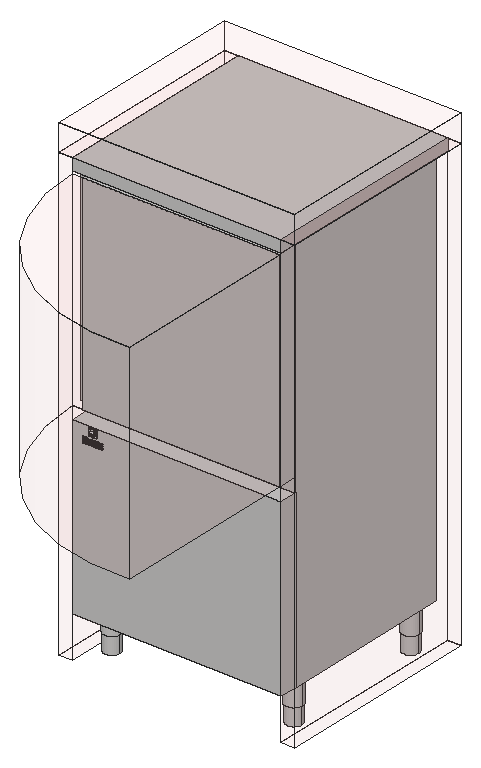
Revit family "QF_ELECTROLUXPROFESSIONAL_725214_ECBCFA040SE", category Attrezzature speciali, Revit 2018
Family settings
  Quota connettore circolare = Usa diametro
  Tipo di parte = Normale
  Basato su piano di lavoro = No
  Sempre verticale = Sì
  Taglio con vuoti quando caricato = No
  Condiviso = No
  Punto di calcolo locali = No
Parameters (values of type "Standard")
  Weight = 140.00 kg
  Watts = 1200 W
  Volts = 380 V
  URL Manufacturer = "https://www.electroluxprofessional.com/"
  URL = "https://www.electroluxprofessional.com/"
  Steam Supply Size = 0 mm
  Steam Supply Minimum Pressure = 0.0 Pa
  Steam Supply Maximum Pressure = 0.0 Pa
  Steam Consumption per Hour = 0
  Show Logo [instance] = yes
  Show Clearance [instance] = yes
  Refrigeration Suction Line Size = 0 mm
  Refrigeration Liquid Line Size = 0 mm
  Refrigerant Compressor Remote = yes
  Produttore = "Electrolux Professional"
  Phase = 3
  Modello = "ECBCFA040SE"
  Length Actual = 762 mm  # constant formula
  Item Number = "725214"
  Hot Water Size = 0 mm
  Height Actual = 1644 mm  # constant formula
  HP = "1.6 HP"
  Gas Size = 0 mm
  Gas KW = 0
  Gas Input Pressure = 0 W
  Direct Waste Size = 0 mm
  Descrizione = "BLAST CHILLER/FREEZER CW 40KG 10 GN 1/1 - R452A"
  Depth Actual = 760 mm  # constant formula
  Cycle = 50 Hz
  Condensate Return Size = 0 mm
  Compressed Air Volume = 0.0 L/s
  Compressed Air Size = 0 mm
  Compressed Air Pressure = 0.0 Pa
  Cold Water Size = 0 mm
  Accessory = yes
Types (2, lengths in mm): name | URL | Produttore | Phase | Modello | Descrizione
  (no name) | 0 | 0 | 0 | 0 | 0
  Standard | "https://www.electroluxprofessional.com/" | "Electrolux Professional" | 3 | "ECBCFA040SE" | "BLAST CHILLER/FREEZER CW 40KG 10 GN 1/1 - R452A"
Values of the unnamed type that differ from the named types
  Weight = 0.00 kg
  Watts = 0 W
  Volts = 0 V
  URL Manufacturer = ""
  Item Number = ""
  HP = ""
  Cycle = 0 Hz
Reference planes
  plane 1 "Center X": y = 167.851
  plane 2: z = 0
  plane 3 "Center Y": x = -378
  plane 4 "LEFT": x = -759
  plane 5 "BACK": y = 547.851
  plane 6 "RIGHT": x = 3
  plane 7 "FRONT": y = -212.149
  plane 8: z = 153
  plane 9 "TOP": z = 1644
  plane 10: x = -710
  plane 11: y = 439.851
  plane 12: x = -46
  plane 13: y = -52.149
  plane 14: y = 495.851
  plane 15: z = 1604
  plane 16: y = -902.149
Forms (mm)
  Extrusion 1, solid, material "QF_Finishes_Stainless Steel"
    sketch origin (0, 0, 1644) x (-1, 0, 0) y (0, -1, 0)
      loop
        line (759, -495.851) -> (759, 147.149) -> (-3, 147.149) -> (-3, -495.851) -> (759, -495.851)
    from -40 to -1491
  Extrusion 2, solid, material "QF_Finishes_Stainless Steel"
    sketch origin (-499.727, 495.851, 1589) x (1, 0, 0) y (0, 0, -1)
      loop
        circle (121.727, 1386) r 10.5
    from 0 to 10
  Extrusion 3, solid, material "QF_Finishes_Stainless Steel"
    sketch origin (-1206.916, -1524, 153) x (-1, 0, 0) y (0, -1, 0)
      loop
        line (-447.916, -1311.851) -> (-1209.916, -1311.851) -> (-1209.916, -1376.851) -> (-447.916, -1376.851) -> (-447.916, -1311.851)
    from 635.577 to 0
  Extrusion 4, solid, material "QF_Finishes_Stainless Steel"
    sketch origin (-1225.916, -1561, 130) x (0, -1, 0) y (-1, 0, 0)
      loop
        circle (-1673.851, -847.916) r 9.5
    from 30 to 40
  Extrusion 5, solid, material "QF_Finishes_Stainless Steel"
    sketch origin (-623, 0, 1060.038) x (1, 0, 0) y (0, 1, 0)
      loop
        line (620, -212.149) -> (620, -147.149) -> (-136, -147.149) -> (-136, -212.149) -> (620, -212.149)
    from 534.886 to -224.114
  Extrusion 6, solid, material "QF_Finishes_Stainless Steel"
    sketch origin (-1206.916, -1524, 1624) x (-1, 0, 0) y (0, -1, 0)
      loop
        line (-447.916, -2071.851) -> (-447.916, -1311.851) -> (-1209.916, -1311.851) -> (-1209.916, -2071.851) -> (-447.916, -2071.851)
    from 20 to -20
  Extrusion 7, solid, material "QF_Clearance", visible <- "Show Clearance"
    sketch origin (0, 0, 0) x (1, 0, 0) y (0, 1, 0)
      loop
        line (-759, 547.851) -> (-809, 547.851) -> (-809, -212.149) -> (-759, -212.149) -> (-759, 547.851)
      loop
        line (53, 547.851) -> (3, 547.851) -> (3, -212.149) -> (53, -212.149) -> (53, 547.851)
    from 0 to 1644
  Extrusion 8, solid, material "QF_Clearance", visible <- "Show Clearance"
    sketch origin (0, 0, 0) x (1, 0, 0) y (0, 1, 0)
      loop
        line (-809, 547.851) -> (-809, -212.149) -> (53, -212.149) -> (53, 547.851) -> (-809, 547.851)
    from 1644 to 1744
  Extrusion 9, solid, material "QF_Clearance", visible <- "Show Clearance"
    sketch origin (0, 0, 0) x (1, 0, 0) y (0, 1, 0)
      loop
        line (3, -902.149) -> (3, -212.149) -> (-759, -212.149)
        arc (-759, -212.149) -> (-529.072, -723.985) -> (3, -902.149) r 699.429
    from 835.924 to 1594.924
  Extrusion 10, void
    sketch origin (0, 0, 0) x (1, 0, 0) y (0, 1, 0)
      loop
        line (-759, -212.149) -> (-719, -212.149) -> (-719, -172.149) -> (-759, -172.149) -> (-759, -212.149)
    from 835.924 to 1594.924
Cuts and joins
  joined: Extrusion 1, Extrusion 2, Extrusion 4
  Extrusion 10 cuts Extrusion 3
  Extrusion 10 cuts Extrusion 7
  Extrusion 10 cuts Extrusion 5
Lines and regions (mm)
  Split face 1
    outline origin (3, -212.149, 153) x (-1, 0, 0) y (0, 0, -1)
      loop
        line (762, -571.811) -> (562, -571.811) -> (537.858, -547.669) -> (224.142, -547.669) -> (200, -571.811) -> (0, -571.811)
  Split face 2
    outline origin (3, -212.149, 153) x (-1, 0, 0) y (0, 0, -1)
      loop
        line (762, -529.311) -> (0, -529.311)
  Split face 3
    outline origin (3, -212.149, 153) x (-1, 0, 0) y (0, 0, -1)
      loop
        line (408.5, -620.809) -> (408.5, -605.809) -> (353.5, -605.809) -> (353.5, -620.809) -> (408.5, -620.809)
  Split face 4
    outline origin (3, -212.149, 128) x (-1, 0, 0) y (0, 0, -1)
      loop
        line (408.5, -620.809) -> (408.5, -605.809) -> (353.5, -605.809) -> (353.5, -620.809) -> (408.5, -620.809)
  symbolic lines
    curve 1: line (-759, 547.851, 1644) -> (3, 547.851, 1644)
    curve 2: line (-759, -212.149, 1644) -> (-759, 547.851, 1644)
    curve 3: line (3, 547.851, 1644) -> (3, -212.149, 1644)
    curve 4: line (3, -212.149, 0) -> (-759, -212.149, 0)
  symbolic lines, style "QF_Clearances"
    curve 5: line (-809, 547.851, 0) -> (-809, -212.149, 0)
    curve 6: line (-809, -212.149, 0) -> (-759, -212.149, 0)
    curve 7: line (53, 547.851, 0) -> (3, 547.851, 0)
    curve 8: line (53, 547.851, 0) -> (53, -212.149, 0)
    curve 9: line (-759, 547.851, 0) -> (-809, 547.851, 0)
    curve 10: line (3, -212.149, 0) -> (53, -212.149, 0)
  symbolic lines, style "QF_Door-Drawer Clearances"
    curve 11: arc (-759, -212.149, 0) -> (-529.072, -723.985, 0) -> (3, -902.149, 0) r 699.429
    curve 12: line (3, -902.149, 0) -> (3, -212.149, 0)
Dimensions and locks
  equal spacing: plane 4 "LEFT", plane 3 "Center Y", plane 6 "RIGHT"
  plane 4 "LEFT" to plane 6 "RIGHT" = 762 mm
  plane 5 "BACK" to plane 7 "FRONT" = 760 mm
  equal spacing: plane 5 "BACK", plane 1 "Center X", plane 7 "FRONT"
  cut or joined group of Extrusion 1, Extrusion 2, Extrusion 4 to Extrusion 2 sketch curve = 381 mm
  level to Extrusion 2 sketch curve = 203 mm
  plane 5 "BACK" to Extrusion 4 sketch curve = 435 mm
  plane 4 "LEFT" to Extrusion 4 sketch curve = 381 mm
  Extrusion 2 sketch curve to plane 4 "LEFT" = 381 mm
  plane 9 "TOP" to plane 2 = 1644 mm
  locked: plane 9 "TOP" to plane 15 at 40
  plane 8 to level = 153 mm
  plane 6 "RIGHT" to plane 12 = 49 mm
  plane 5 "BACK" to plane 14 = 52 mm
  plane 5 "BACK" to plane 16 = 1450 mm
  aligned and locked: level to plane 2
  aligned and locked: plane 12 to nested 3
  aligned and locked: plane 12 to nested 2
  aligned and locked: nested 4 to plane 11
  aligned and locked: nested 3 to plane 11
  aligned and locked: Extrusion 1 to plane 4 "LEFT"
  aligned and locked: plane 6 "RIGHT" to Extrusion 1
  aligned and locked: plane 14 to Extrusion 1
  aligned and locked: Extrusion 8 sketch curve to Extrusion 7  (x4)
  aligned and locked: Extrusion 8 to plane 9 "TOP"
  aligned and locked: Extrusion 6 to plane 15
  aligned and locked: plane 9 "TOP" to Extrusion 6
  aligned and locked: plane 15 to cut or joined group of Extrusion 1, Extrusion 2, Extrusion 4
  aligned and locked: Extrusion 1 to plane 8
  aligned and locked: plane 9 "TOP" to Extrusion 7
Automatic sketch dimensions
  Extrusion 1 sketch curve to plane 6 "RIGHT" = 0 mm
  Extrusion 1 sketch curve to plane 4 "LEFT" = 0 mm
  Extrusion 1 sketch curve to plane 14 = 0 mm
  plane 7 "FRONT" to Extrusion 1 sketch curve = 65 mm
  curve 1 to plane 5 "BACK" = 0 mm
  curve 1 to plane 6 "RIGHT" = 0 mm
  curve 2 to plane 4 "LEFT" = 0 mm
  curve 3 to plane 7 "FRONT" = 0 mm
  curve 2 to plane 7 "FRONT" = 0 mm
  Extrusion 3 sketch curve to plane 6 "RIGHT" = 0 mm
  Extrusion 3 sketch curve to plane 4 "LEFT" = 0 mm
  Extrusion 3 sketch curve to plane 7 "FRONT" = 0 mm
  Extrusion 3 sketch curve to Extrusion 3 sketch curve = 65 mm
  Extrusion 5 sketch curve to plane 7 "FRONT" = 0 mm
  Extrusion 5 sketch curve to plane 10 = 49 mm
  Extrusion 5 sketch curve to plane 6 "RIGHT" = 6 mm
  Extrusion 5 sketch curve to Extrusion 5 sketch curve = 65 mm
  Extrusion 6 sketch curve to plane 5 "BACK" = 0 mm
  Extrusion 6 sketch curve to plane 6 "RIGHT" = 0 mm
  Extrusion 6 sketch curve to plane 4 "LEFT" = 0 mm
  Extrusion 6 sketch curve to plane 7 "FRONT" = 0 mm
  Split face 1 sketch curve to Extrusion 3 = 0 mm
  Extrusion 3 to Split face 1 sketch curve = 0 mm
  Split face 1 sketch curve to Extrusion 3 = 63.766 mm
  Split face 1 sketch curve to Extrusion 3 = 200 mm
  Split face 1 sketch curve to Split face 1 sketch curve = 24.142 mm  (x3)
  Split face 1 sketch curve to Extrusion 3 = 87.908 mm
  Split face 1 sketch curve to Extrusion 3 = 224.142 mm
  Split face 2 sketch curve to Extrusion 3 = 0 mm
  Extrusion 3 to Split face 2 sketch curve = 0 mm
  Split face 2 sketch curve to Extrusion 3 = 106.266 mm
  Split face 3 sketch curve to Extrusion 3 = 14.768 mm
  Split face 3 sketch curve to Extrusion 3 = 353.5 mm
  Split face 3 sketch curve to Split face 3 sketch curve = 55 mm
  Split face 3 sketch curve to Split face 3 sketch curve = 15 mm
  Split face 4 sketch curve to Extrusion 3 = 39.768 mm
  Split face 4 sketch curve to Extrusion 3 = 353.5 mm
  Split face 4 sketch curve to Split face 4 sketch curve = 55 mm
  Split face 4 sketch curve to Split face 4 sketch curve = 15 mm
  Extrusion 7 sketch curve to plane 7 "FRONT" = 0 mm  (x2)
  Extrusion 7 sketch curve to plane 5 "BACK" = 0 mm  (x2)
  Extrusion 7 sketch curve to plane 4 "LEFT" = 0 mm
  Extrusion 7 sketch curve to plane 6 "RIGHT" = 0 mm
  Extrusion 7 sketch curve to Extrusion 7 sketch curve = 50 mm
  plane 6 "RIGHT" to Extrusion 7 sketch curve = 50 mm
  curve 9 to plane 5 "BACK" = 0 mm
  curve 5 to plane 7 "FRONT" = 0 mm
  curve 6 to plane 4 "LEFT" = 0 mm
  curve 9 to plane 4 "LEFT" = 0 mm
  curve 11 to plane 6 "RIGHT" = 0 mm
  curve 7 to plane 5 "BACK" = 0 mm
  curve 7 to plane 6 "RIGHT" = 0 mm
  curve 12 to plane 16 = 0 mm
  curve 6 to curve 11 = 50 mm
  plane 7 "FRONT" to curve 11 = 6.622 mm
  plane 6 "RIGHT" to curve 8 = 50 mm
  Extrusion 9 sketch curve to plane 4 "LEFT" = 0 mm
  Extrusion 9 sketch curve to plane 6 "RIGHT" = 0 mm
  Extrusion 9 sketch curve to plane 16 = 0 mm
  Extrusion 9 sketch curve to plane 7 "FRONT" = 0 mm
  plane 7 "FRONT" to Extrusion 9 sketch curve = 6.622 mm
  Extrusion 10 sketch curve to plane 4 "LEFT" = 0 mm
  Extrusion 10 sketch curve to plane 7 "FRONT" = 0 mm
  Extrusion 10 sketch curve to plane 10 = 9 mm
  Extrusion 10 sketch curve to Extrusion 10 sketch curve = 40 mm
  radius of Extrusion 2 sketch curve = 10.5 mm
  radius of Extrusion 4 sketch curve = 9.5 mm
Nested families
  nested 1: "Foot_Complete" at (-710, -92.149, 0), type "Foot_Complete"
    with H 153 mm
  nested 2: "Foot_Complete" at (-46, -92.149, 0), type "Foot_Complete"
    with H 153 mm
  nested 3: "Foot_Complete" at (-46, 439.851, 0), type "Foot_Complete"
    with H 153 mm
  nested 4: "Foot_Complete" at (-710, 439.851, 0), type "Foot_Complete"
    with H 153 mm
  nested 5: "ELX_Pro_Logo" at (-683, -212.149, 754.674) x (1, 0, 0) z (0, -1, 0), type "ELX_Pro_Logo"
Connectors
  electrical at (-378, 505.851, 203), driven by "Volts"
    settings: on Extrusion 2, index 5, voltage 380 V, apparent load 0 VA, apparent load phase1 0 VA, apparent load phase2 0 VA, apparent load phase3 0 VA, power factor 1, load classification "Altro", number of poles 1, system type 30, power factor state 1, is connector primary yes, connector utility no, sub classification motor no, connector description "Electrical Connection"
  piping at (-378, 112.851, 90), diameter 19
    settings: on cut or joined group of Extrusion 1, Extrusion 2, Extrusion 4, index 6, connector inside diameter 609.6 mm, connector length 0 mm, flow factor 0, pipe flow 0.0 L/s, pressure drop 0.0 Pa, fitting loss kfactor 0, connector angle 0.00°, fixture units 0, engagement length 0 mm, angle of deflection 0.00°, flow configuration 1, flow direction 2, fitting loss method 0, system type 16, joint type 0, gender type 0, connector reference index -1, connector utility 0, adjustable connector no, is connector primary yes, connector description "Drain"
Definition of nested family "Foot_Complete"
  Parameters
    R = 32 mm
    H = 150 mm
  Reference planes
    plane 1 "Centro (Fronte/Retro)": y = 0
    plane 2: z = 0
    plane 3 "Centro (Sinistra/Destra)": x = 0
    plane 4: z = 150
  Forms (mm)
    Revolve 1, solid
      sketch origin (255.05, 0, 608.09) x (0, 0, 1) y (-1, 0, 0)
        loop
          line (-608.09, 255.05) -> (-608.09, 226.55) -> (-544.09, 226.55) -> (-544.09, 223.05) -> (-458.09, 223.05) -> (-458.09, 255.05) -> (-608.09, 255.05)
        axis (-608.09, 255.05) -> (-458.09, 255.05)
      angle from 0 to 360
  Dimensions and locks
    locked: level to Revolve 1 sketch curve at 64
    "R": Revolve 1 sketch curve to plane 3 "Centro (Sinistra/Destra)"
    "H": plane 4 to level
    aligned and locked: level to plane 2
    aligned and locked: plane 4 to Revolve 1 sketch curve
    aligned and locked: Revolve 1 sketch curve to level
    aligned and locked: plane 3 "Centro (Sinistra/Destra)" to Revolve 1 sketch curve
  Automatic sketch dimensions
    Revolve 1 sketch curve to plane 3 "Centro (Sinistra/Destra)" = 0 mm
    plane 3 "Centro (Sinistra/Destra)" to Revolve 1 sketch curve = 28.5 mm
    Revolve 1 sketch curve to Revolve 1 sketch curve = 50 mm
    Revolve 1 sketch curve to Revolve 1 sketch curve = 20 mm
Definition of nested family "ELX_Pro_Logo"
  Parameters (values of type "ELX_Pro_Logo")
    M = none
    Default Elevation = 0 mm
  Reference planes
    plane 1 "Centro (Fronte/Retro)": y = 0
    plane 2: z = 0
    plane 3 "Centro (Sinistra/Destra)": x = 0
  Forms (mm)
    Extrusion 1, solid
      sketch origin (0, 0, 0) x (1, 0, 0) y (0, 1, 0)
        loop
          line (-1219.2, 1219.2) -> (-1219.2, -1219.2) -> (1219.2, -1219.2) -> (1219.2, 1219.2) -> (-1219.2, 1219.2)
      from 0 to -304.8
    Extrusion 2, solid, material <- "M"
      sketch origin (-144.622, -1081.55, 0) x (-1, 0, 0) y (0, -1, 0)
        loop
          line (-111.329, -1069.559) -> (-111.329, -1071.073) -> (-116.048, -1071.073) -> (-116.048, -1072.896) -> (-111.328, -1072.896) -> (-111.328, -1075.549) -> (-116.349, -1075.549) -> (-116.349, -1077.368) -> (-109.396, -1077.368) -> (-109.396, -1073.46) -> (-109.396, -1069.659)
          arc (-109.396, -1069.659) -> (-110.425, -1067.175) -> (-112.909, -1066.146) r 3.513
          line (-112.909, -1066.146) -> (-116.483, -1066.146) -> (-116.483, -1067.963) -> (-112.925, -1067.963)
          arc (-112.925, -1067.963) -> (-111.797, -1068.431) -> (-111.329, -1069.559) r 1.596
        loop
          line (-119.79, -1077.358) -> (-117.856, -1077.358) -> (-117.856, -1072.053) -> (-117.856, -1066.132) -> (-119.79, -1066.132) -> (-119.79, -1072.092) -> (-119.79, -1077.358)
        loop
          line (-122.986, -1069.718) -> (-129.327, -1069.718)
          arc (-129.327, -1069.718) -> (-129.219, -1071.449) -> (-128.497, -1073.026) r 4.757
          arc (-128.497, -1073.026) -> (-125.237, -1074.5) -> (-121.978, -1073.026) r 4.34
          arc (-121.978, -1073.026) -> (-121.072, -1070.207) -> (-121.978, -1067.388) r 4.838
          arc (-121.978, -1067.388) -> (-125.393, -1065.933) -> (-128.809, -1067.388) r 4.737
          line (-128.809, -1067.388) -> (-127.645, -1068.52)
          arc (-127.645, -1068.52) -> (-125.509, -1067.576) -> (-123.374, -1068.52) r 2.888
          arc (-123.374, -1068.52) -> (-123.05, -1069.077) -> (-122.986, -1069.718) r 1.527
        loop
          arc (-127.386, -1071.076) -> (-126.67, -1072.331) -> (-125.331, -1072.872) r 2.201
          arc (-125.331, -1072.872) -> (-123.848, -1072.402) -> (-123.033, -1071.076) r 2.23
          line (-123.033, -1071.076) -> (-127.386, -1071.076)
        loop
          line (-136.862, -1071.886) -> (-138.059, -1073.132)
          arc (-138.059, -1073.132) -> (-130.327, -1070.219) -> (-138.059, -1067.306) r 4.415
          line (-138.059, -1067.306) -> (-136.862, -1068.553)
          arc (-136.862, -1068.553) -> (-132.252, -1070.22) -> (-136.862, -1071.886) r 2.606
        loop
          line (-141.192, -1069.673) -> (-141.192, -1072.494) -> (-142.951, -1072.494) -> (-142.951, -1074.25) -> (-141.195, -1074.25) -> (-141.195, -1077.358) -> (-139.262, -1077.358) -> (-139.262, -1073.332) -> (-139.262, -1069.514)
          arc (-139.262, -1069.514) -> (-140.299, -1066.92) -> (-142.98, -1066.132) r 3.196
          line (-142.98, -1066.132) -> (-142.987, -1067.949)
          arc (-142.987, -1067.949) -> (-141.652, -1068.356) -> (-141.192, -1069.673) r 1.542
        loop
          line (-146.494, -1073.042) -> (-146.494, -1074.25) -> (-144.576, -1074.25) -> (-144.576, -1070.271) -> (-144.576, -1066.132) -> (-146.494, -1066.132) -> (-146.494, -1070.401)
          arc (-146.494, -1070.401) -> (-147.446, -1072.228) -> (-149.489, -1072.494) r 2.229
          line (-149.489, -1072.494) -> (-149.489, -1074.362)
          arc (-149.489, -1074.362) -> (-147.761, -1074.226) -> (-146.494, -1073.042) r 2.627
        loop
          line (-159.833, -1072.246) -> (-159.833, -1066.131) -> (-161.767, -1066.131) -> (-161.767, -1072.17) -> (-161.767, -1077.359) -> (-159.833, -1077.359) -> (-159.833, -1072.246)
        loop
          line (-165.194, -1069.514) -> (-165.194, -1074.25) -> (-163.245, -1074.25) -> (-163.245, -1071.898) -> (-163.245, -1069.098)
          arc (-163.245, -1069.098) -> (-166.96, -1065.769) -> (-170.687, -1069.085) r 3.745
          line (-170.687, -1069.085) -> (-170.687, -1071.898) -> (-170.687, -1074.25) -> (-168.739, -1074.25) -> (-168.739, -1069.514)
          arc (-168.739, -1069.514) -> (-166.967, -1067.742) -> (-165.194, -1069.514) r 1.772
        loop
          line (-174.654, -1070.416) -> (-172.975, -1068.078) -> (-171.578, -1066.131) -> (-173.656, -1066.131) -> (-175.717, -1068.999) -> (-177.779, -1066.131) -> (-179.857, -1066.131) -> (-178, -1068.728) -> (-176.781, -1070.433) -> (-178.29, -1072.488) -> (-179.583, -1074.25) -> (-177.473, -1074.25) -> (-175.717, -1071.818) -> (-173.945, -1074.25) -> (-171.852, -1074.25) -> (-173.052, -1072.608) -> (-174.654, -1070.416)
        loop
          circle (-154.223, -1070.188) r 2.508
        loop
          circle (-154.223, -1070.188) r 4.42
        loop
          line (-110.224, -1058.542) -> (-111.194, -1058.542)
          arc (-111.194, -1058.542) -> (-112.217, -1059.95) -> (-110.924, -1061.114) r 1.3
          line (-110.924, -1061.114) -> (-109.424, -1061.114) -> (-109.424, -1057.223) -> (-110.224, -1057.223) -> (-110.224, -1058.542)
        loop
          line (-110.224, -1060.379) -> (-110.224, -1059.293) -> (-111.03, -1059.293)
          arc (-111.03, -1059.293) -> (-111.43, -1059.836) -> (-111.03, -1060.379) r 0.569
          line (-111.03, -1060.379) -> (-110.224, -1060.379)
        loop
          line (-116.302, -1058.564) -> (-117.128, -1058.564) -> (-117.934, -1057.223) -> (-118.841, -1057.223) -> (-117.833, -1058.884)
          arc (-117.833, -1058.884) -> (-118.214, -1060.282) -> (-117.028, -1061.114) r 1.26
          line (-117.028, -1061.114) -> (-115.503, -1061.114) -> (-115.503, -1057.223) -> (-116.302, -1057.223) -> (-116.302, -1058.564)
        loop
          line (-116.302, -1060.379) -> (-116.302, -1059.293) -> (-117.109, -1059.293)
          arc (-117.109, -1059.293) -> (-117.508, -1059.836) -> (-117.109, -1060.379) r 0.569
          line (-117.109, -1060.379) -> (-116.302, -1060.379)
        loop
          line (-128.923, -1057.223) -> (-129.723, -1057.223) -> (-129.723, -1058.714) -> (-131.187, -1058.714) -> (-131.187, -1059.514) -> (-129.723, -1059.514) -> (-129.723, -1060.314) -> (-131.327, -1060.314) -> (-131.327, -1061.114) -> (-128.923, -1061.114) -> (-128.923, -1057.223)
        loop
          arc (-134.628, -1058.469) -> (-134.992, -1057.588) -> (-135.874, -1057.223) r 1.246
          line (-135.874, -1057.223) -> (-137.13, -1057.223) -> (-137.13, -1058.023) -> (-135.969, -1058.023)
          arc (-135.969, -1058.023) -> (-135.53, -1058.237) -> (-135.427, -1058.714) r 0.558
          line (-135.427, -1058.714) -> (-136.984, -1058.714) -> (-136.984, -1059.514) -> (-135.427, -1059.514) -> (-135.427, -1060.314) -> (-137.092, -1060.314) -> (-137.092, -1061.114) -> (-134.628, -1061.114) -> (-134.628, -1058.469)
        loop
          line (-152.3, -1057.223) -> (-153.1, -1057.223) -> (-153.1, -1061.114) -> (-152.3, -1061.114) -> (-152.3, -1057.223)
        loop
          line (-164.67, -1057.223) -> (-164.67, -1059.67) -> (-166.45, -1057.223) -> (-167.25, -1057.223) -> (-167.25, -1061.114) -> (-166.42, -1061.114) -> (-166.42, -1058.594) -> (-164.64, -1061.114) -> (-163.84, -1061.114) -> (-163.84, -1057.223) -> (-164.67, -1057.223)
        loop
          line (-170.403, -1057.223) -> (-171.262, -1057.223) -> (-171.641, -1058.063) -> (-173.08, -1058.063) -> (-173.459, -1057.223) -> (-174.317, -1057.223) -> (-172.796, -1061.113) -> (-171.996, -1061.113) -> (-170.403, -1057.223)
        loop
          line (-177.493, -1057.223) -> (-179.789, -1057.223) -> (-179.789, -1058.023) -> (-178.293, -1058.023) -> (-178.293, -1061.114) -> (-177.493, -1061.114) -> (-177.493, -1057.223)
        loop
          line (-172.362, -1059.848) -> (-171.945, -1058.83) -> (-172.76, -1058.83) -> (-172.362, -1059.848)
        loop
          circle (-158.484, -1059.145) r 1.288
        loop
          circle (-158.484, -1059.145) r 2.065
        loop
          arc (-146.04, -1058.095) -> (-146.933, -1057.275) -> (-148.145, -1057.245) r 1.725
          arc (-148.145, -1057.245) -> (-148.965, -1058.02) -> (-148.68, -1059.111) r 1.107
          arc (-148.68, -1059.111) -> (-148.103, -1059.465) -> (-147.486, -1059.746) r 5.523
          arc (-147.486, -1059.746) -> (-147.147, -1060.262) -> (-147.708, -1060.52) r 0.407
          arc (-147.708, -1060.52) -> (-148.045, -1060.315) -> (-148.325, -1060.038) r 1.702
          line (-148.325, -1060.038) -> (-149.011, -1060.45)
          arc (-149.011, -1060.45) -> (-148.578, -1060.911) -> (-148.043, -1061.247) r 2.463
          arc (-148.043, -1061.247) -> (-146.373, -1060.466) -> (-147.42, -1058.949) r 1.207
          spline (-147.42, -1058.949) -> (-147.716, -1058.809) -> (-147.932, -1058.678) -> (-148.077, -1058.557) -> (-148.163, -1058.446) -> (-148.198, -1058.347) -> (-148.192, -1058.258) -> (-148.157, -1058.182) -> (-148.102, -1058.118) -> (-148.037, -1058.068) -> (-147.972, -1058.031) -> (-147.917, -1058.008) -> (-147.883, -1058)
          arc (-147.883, -1058) -> (-147.238, -1058.014) -> (-146.759, -1058.446) r 0.925
          line (-146.759, -1058.446) -> (-146.04, -1058.095)
        loop
          arc (-140.18, -1058.095) -> (-141.073, -1057.275) -> (-142.285, -1057.245) r 1.725
          arc (-142.285, -1057.245) -> (-143.106, -1058.02) -> (-142.821, -1059.111) r 1.107
          arc (-142.821, -1059.111) -> (-142.243, -1059.465) -> (-141.627, -1059.746) r 5.523
          arc (-141.627, -1059.746) -> (-141.287, -1060.262) -> (-141.849, -1060.52) r 0.407
          arc (-141.849, -1060.52) -> (-142.185, -1060.315) -> (-142.466, -1060.038) r 1.702
          line (-142.466, -1060.038) -> (-143.151, -1060.45)
          arc (-143.151, -1060.45) -> (-142.719, -1060.911) -> (-142.183, -1061.247) r 2.463
          arc (-142.183, -1061.247) -> (-140.513, -1060.466) -> (-141.56, -1058.949) r 1.207
          spline (-141.56, -1058.949) -> (-141.856, -1058.809) -> (-142.072, -1058.678) -> (-142.218, -1058.557) -> (-142.303, -1058.446) -> (-142.338, -1058.347) -> (-142.333, -1058.258) -> (-142.298, -1058.182) -> (-142.242, -1058.118) -> (-142.177, -1058.068) -> (-142.112, -1058.031) -> (-142.057, -1058.008) -> (-142.023, -1058)
          arc (-142.023, -1058) -> (-141.378, -1058.014) -> (-140.9, -1058.446) r 0.925
          line (-140.9, -1058.446) -> (-140.18, -1058.095)
        loop
          circle (-123.484, -1059.145) r 1.288
        loop
          circle (-123.484, -1059.145) r 2.065
        loop
          line (-130.225, -1113.361) -> (-130.225, -1084.645) -> (-158.979, -1084.645) -> (-158.979, -1113.361) -> (-130.225, -1113.361)
        loop
          arc (-148.442, -1086.055) -> (-157.992, -1098.973) -> (-148.442, -1111.892) r 13.512
          line (-148.442, -1111.892) -> (-148.442, -1086.055)
        loop
          line (-147.127, -1086.055) -> (-147.127, -1087.926)
          arc (-147.127, -1087.926) -> (-143.116, -1095.125) -> (-135.48, -1098.224) r 12.412
          line (-135.48, -1098.224) -> (-131.205, -1098.224)
          arc (-131.205, -1098.224) -> (-136.382, -1088.497) -> (-147.127, -1086.055) r 13.242
        loop
          line (-147.127, -1110.021) -> (-147.127, -1112.224)
          arc (-147.127, -1112.224) -> (-136.374, -1109.53) -> (-131.205, -1099.722) r 13.588
          line (-131.205, -1099.722) -> (-135.48, -1099.722)
          arc (-135.48, -1099.722) -> (-143.116, -1102.822) -> (-147.127, -1110.021) r 12.412
      from 0 to 1.6
  Lines and regions (mm)
    symbolic lines
      curve 1: line (-14.357, 31.811, 0) -> (14.357, 31.811, 0)
      curve 2: line (-14.357, 3.095, 0) -> (-14.357, 31.811, 0)
      curve 3: line (14.357, 3.095, 0) -> (-14.357, 3.095, 0)
      curve 4: line (14.357, 31.811, 0) -> (14.357, 3.095, 0)
      curve 5: line (-8.32, 7.722, 0) -> (-9.387, 8.738, 0)
      curve 6: line (-9.387, 8.738, 0) -> (-10.331, 9.866, 0)
      curve 7: line (-10.331, 9.866, 0) -> (-11.141, 11.095, 0)
      curve 8: line (-11.141, 11.095, 0) -> (-11.805, 12.411, 0)
      curve 9: line (-11.805, 12.411, 0) -> (-12.31, 13.803, 0)
      curve 10: line (-12.31, 13.803, 0) -> (-12.646, 15.26, 0)
      curve 11: line (-12.646, 15.26, 0) -> (-12.8, 16.77, 0)
      curve 12: line (-12.8, 16.77, 0) -> (-10.081, 16.77, 0)
      curve 13: line (-10.081, 16.77, 0) -> (-8.466, 16.661, 0)
      curve 14: line (-8.466, 16.661, 0) -> (-6.88, 16.344, 0)
      curve 15: line (-6.88, 16.344, 0) -> (-5.345, 15.833, 0)
      curve 16: line (-5.345, 15.833, 0) -> (-3.882, 15.143, 0)
      curve 17: line (-3.882, 15.143, 0) -> (-2.511, 14.288, 0)
      curve 18: line (-2.511, 14.288, 0) -> (-1.255, 13.283, 0)
      curve 19: line (-1.255, 13.283, 0) -> (-0.135, 12.143, 0)
      curve 20: line (-0.135, 12.143, 0) -> (0.83, 10.882, 0)
      curve 21: line (0.83, 10.882, 0) -> (1.616, 9.515, 0)
      curve 22: arc (1.616, 9.515, 0) -> (2.419, 7.28, 0) -> (2.7, 4.923, 0) r 10.532
      curve 23: arc (2.7, 4.923, 0) -> (1.362, 4.715, 0) -> (0.011, 4.633, 0) r 14.39
      curve 24: line (0.011, 4.633, 0) -> (-1.56, 4.731, 0)
      curve 25: line (-1.56, 4.731, 0) -> (-3.062, 5.011, 0)
      curve 26: line (-3.062, 5.011, 0) -> (-4.502, 5.462, 0)
      curve 27: line (-4.502, 5.462, 0) -> (-5.866, 6.072, 0)
      curve 28: line (-5.866, 6.072, 0) -> (-7.142, 6.829, 0)
      curve 29: line (-7.142, 6.829, 0) -> (-8.32, 7.722, 0)
      curve 30: line (-10.802, 24.24, 0) -> (-9.872, 25.531, 0)
      curve 31: line (-9.872, 25.531, 0) -> (-8.796, 26.699, 0)
      curve 32: line (-8.796, 26.699, 0) -> (-7.587, 27.728, 0)
      curve 33: line (-7.587, 27.728, 0) -> (-6.258, 28.602, 0)
      curve 34: line (-6.258, 28.602, 0) -> (-4.823, 29.309, 0)
      curve 35: line (-4.823, 29.309, 0) -> (-3.293, 29.832, 0)
      curve 36: line (-3.293, 29.832, 0) -> (-1.683, 30.156, 0)
      curve 37: arc (-1.683, 30.156, 0) -> (0.517, 30.256, 0) -> (2.702, 29.984, 0) r 13.008
      curve 38: arc (2.702, 29.984, 0) -> (2.453, 27.616, 0) -> (1.617, 25.387, 0) r 9.395
      curve 39: line (1.617, 25.387, 0) -> (0.83, 24.018, 0)
      curve 40: line (0.83, 24.018, 0) -> (-0.134, 22.756, 0)
      curve 41: line (-0.134, 22.756, 0) -> (-1.255, 21.615, 0)
      curve 42: line (-1.255, 21.615, 0) -> (-2.512, 20.609, 0)
      curve 43: line (-2.512, 20.609, 0) -> (-3.882, 19.754, 0)
      curve 44: line (-3.882, 19.754, 0) -> (-5.346, 19.063, 0)
      curve 45: line (-5.346, 19.063, 0) -> (-6.881, 18.551, 0)
      curve 46: line (-6.881, 18.551, 0) -> (-8.467, 18.234, 0)
      curve 47: line (-8.467, 18.234, 0) -> (-10.083, 18.125, 0)
      curve 48: line (-10.083, 18.125, 0) -> (-12.798, 18.125, 0)
      curve 49: line (-12.798, 18.125, 0) -> (-12.584, 19.768, 0)
      curve 50: line (-12.584, 19.768, 0) -> (-12.171, 21.343, 0)
      curve 51: line (-12.171, 21.343, 0) -> (-11.572, 22.839, 0)
      curve 52: line (-11.572, 22.839, 0) -> (-10.802, 24.24, 0)
      curve 53: line (4.048, 5.294, 0) -> (4.048, 29.617, 0)
      curve 54: line (4.048, 29.617, 0) -> (5.525, 29.026, 0)
      curve 55: line (5.525, 29.026, 0) -> (6.905, 28.26, 0)
      curve 56: line (6.905, 28.26, 0) -> (8.174, 27.332, 0)
      curve 57: line (8.174, 27.332, 0) -> (9.318, 26.256, 0)
      curve 58: line (9.318, 26.256, 0) -> (10.323, 25.046, 0)
      curve 59: line (10.323, 25.046, 0) -> (11.177, 23.715, 0)
      curve 60: line (11.177, 23.715, 0) -> (11.865, 22.277, 0)
      curve 61: line (11.865, 22.277, 0) -> (12.375, 20.746, 0)
      curve 62: line (12.375, 20.746, 0) -> (12.693, 19.135, 0)
      curve 63: line (12.693, 19.135, 0) -> (12.804, 17.459, 0)
      curve 64: line (12.804, 17.459, 0) -> (12.702, 15.807, 0)
      curve 65: line (12.702, 15.807, 0) -> (12.396, 14.216, 0)
      curve 66: line (12.396, 14.216, 0) -> (11.897, 12.7, 0)
      curve 67: line (11.897, 12.7, 0) -> (11.218, 11.271, 0)
      curve 68: line (11.218, 11.271, 0) -> (10.372, 9.944, 0)
      curve 69: line (10.372, 9.944, 0) -> (9.37, 8.731, 0)
      curve 70: line (9.37, 8.731, 0) -> (8.224, 7.646, 0)
      curve 71: line (8.224, 7.646, 0) -> (6.947, 6.703, 0)
      curve 72: line (6.947, 6.703, 0) -> (5.551, 5.914, 0)
      curve 73: line (5.551, 5.914, 0) -> (4.048, 5.294, 0)
      curve 74: line (-35.227, -8.09, 0) -> (-35.227, -11.891, 0)
      curve 75: arc (-35.227, -11.891, 0) -> (-34.198, -14.375, 0) -> (-31.714, -15.404, 0) r 3.513
      curve 76: line (-31.714, -15.404, 0) -> (-28.139, -15.404, 0)
      curve 77: line (-28.139, -15.404, 0) -> (-28.139, -13.587, 0)
      curve 78: line (-28.139, -13.587, 0) -> (-31.697, -13.587, 0)
      curve 79: arc (-31.697, -13.587, 0) -> (-32.826, -13.119, 0) -> (-33.293, -11.991, 0) r 1.596
      curve 80: line (-33.293, -11.991, 0) -> (-33.293, -10.477, 0)
      curve 81: line (-33.293, -10.477, 0) -> (-28.574, -10.477, 0)
      curve 82: line (-28.574, -10.477, 0) -> (-28.574, -8.654, 0)
      curve 83: line (-28.574, -8.654, 0) -> (-33.294, -8.654, 0)
      curve 84: line (-33.294, -8.654, 0) -> (-33.294, -6.001, 0)
      curve 85: line (-33.294, -6.001, 0) -> (-28.273, -6.001, 0)
      curve 86: line (-28.273, -6.001, 0) -> (-28.273, -4.182, 0)
      curve 87: line (-28.273, -4.182, 0) -> (-35.227, -4.182, 0)
      curve 88: line (-35.227, -4.182, 0) -> (-35.227, -8.09, 0)
      curve 89: line (-24.833, -9.458, 0) -> (-24.833, -4.192, 0)
      curve 90: line (-24.833, -4.192, 0) -> (-26.766, -4.192, 0)
      curve 91: line (-26.766, -4.192, 0) -> (-26.766, -9.497, 0)
      curve 92: line (-26.766, -9.497, 0) -> (-26.766, -15.418, 0)
      curve 93: line (-26.766, -15.418, 0) -> (-24.833, -15.418, 0)
      curve 94: line (-24.833, -15.418, 0) -> (-24.833, -9.458, 0)
      curve 95: arc (-16.125, -8.524, 0) -> (-19.385, -7.05, 0) -> (-22.645, -8.524, 0) r 4.34
      curve 96: arc (-22.645, -8.524, 0) -> (-23.551, -11.343, 0) -> (-22.645, -14.162, 0) r 4.838
      curve 97: arc (-22.645, -14.162, 0) -> (-19.229, -15.617, 0) -> (-15.813, -14.162, 0) r 4.737
      curve 98: line (-15.813, -14.162, 0) -> (-16.978, -13.03, 0)
      curve 99: arc (-16.978, -13.03, 0) -> (-19.113, -13.974, 0) -> (-21.249, -13.03, 0) r 2.888
      curve 100: arc (-21.249, -13.03, 0) -> (-21.572, -12.473, 0) -> (-21.637, -11.832, 0) r 1.527
      curve 101: line (-21.637, -11.832, 0) -> (-15.295, -11.832, 0)
      curve 102: arc (-15.295, -11.832, 0) -> (-15.404, -10.101, 0) -> (-16.125, -8.524, 0) r 4.757
      curve 103: line (-17.236, -10.474, 0) -> (-21.589, -10.474, 0)
      curve 104: arc (-21.589, -10.474, 0) -> (-20.774, -9.148, 0) -> (-19.291, -8.678, 0) r 2.23
      curve 105: arc (-19.291, -8.678, 0) -> (-17.952, -9.219, 0) -> (-17.236, -10.474, 0) r 2.201
      curve 106: arc (-6.563, -8.418, 0) -> (-14.295, -11.331, 0) -> (-6.563, -14.244, 0) r 4.415
      curve 107: line (-6.563, -14.244, 0) -> (-7.761, -12.997, 0)
      curve 108: arc (-7.761, -12.997, 0) -> (-12.371, -11.33, 0) -> (-7.761, -9.664, 0) r 2.606
      curve 109: line (-7.761, -9.664, 0) -> (-6.563, -8.418, 0)
      curve 110: line (-5.361, -4.192, 0) -> (-5.361, -8.218, 0)
      curve 111: line (-5.361, -8.218, 0) -> (-5.361, -12.036, 0)
      curve 112: arc (-5.361, -12.036, 0) -> (-4.323, -14.63, 0) -> (-1.642, -15.418, 0) r 3.196
      curve 113: line (-1.642, -15.418, 0) -> (-1.636, -13.601, 0)
      curve 114: arc (-1.636, -13.601, 0) -> (-2.97, -13.194, 0) -> (-3.43, -11.877, 0) r 1.542
      curve 115: line (-3.43, -11.877, 0) -> (-3.43, -9.056, 0)
      curve 116: line (-3.43, -9.056, 0) -> (-1.672, -9.056, 0)
      curve 117: line (-1.672, -9.056, 0) -> (-1.672, -7.299, 0)
      curve 118: line (-1.672, -7.299, 0) -> (-3.427, -7.299, 0)
      curve 119: line (-3.427, -7.299, 0) -> (-3.427, -4.192, 0)
      curve 120: line (-3.427, -4.192, 0) -> (-5.361, -4.192, 0)
      curve 121: line (1.872, -7.3, 0) -> (-0.046, -7.3, 0)
      curve 122: line (-0.046, -7.3, 0) -> (-0.046, -11.279, 0)
      curve 123: line (-0.046, -11.279, 0) -> (-0.046, -15.418, 0)
      curve 124: line (-0.046, -15.418, 0) -> (1.872, -15.418, 0)
      curve 125: line (1.872, -15.418, 0) -> (1.872, -11.149, 0)
      curve 126: arc (1.872, -11.149, 0) -> (2.824, -9.322, 0) -> (4.867, -9.056, 0) r 2.229
      curve 127: line (4.867, -9.056, 0) -> (4.867, -7.188, 0)
      curve 128: arc (4.867, -7.188, 0) -> (3.138, -7.324, 0) -> (1.872, -8.508, 0) r 2.627
      curve 129: line (1.872, -8.508, 0) -> (1.872, -7.3, 0)
      curve 130: arc (7.092, -11.362, 0) -> (9.601, -8.854, 0) -> (12.109, -11.362, 0) r 2.508
      curve 131: arc (12.109, -11.362, 0) -> (9.601, -13.871, 0) -> (7.092, -11.362, 0) r 2.508
      curve 132: arc (5.18, -11.362, 0) -> (9.601, -15.783, 0) -> (14.021, -11.362, 0) r 4.42
      curve 133: arc (14.021, -11.362, 0) -> (9.601, -6.942, 0) -> (5.18, -11.362, 0) r 4.42
      curve 134: line (15.211, -4.191, 0) -> (15.211, -9.304, 0)
      curve 135: line (15.211, -9.304, 0) -> (15.211, -15.419, 0)
      curve 136: line (15.211, -15.419, 0) -> (17.145, -15.419, 0)
      curve 137: line (17.145, -15.419, 0) -> (17.145, -9.38, 0)
      curve 138: line (17.145, -9.38, 0) -> (17.145, -4.191, 0)
      curve 139: line (17.145, -4.191, 0) -> (15.211, -4.191, 0)
      curve 140: line (18.622, -7.299, 0) -> (18.622, -9.652, 0)
      curve 141: line (18.622, -9.652, 0) -> (18.622, -12.452, 0)
      curve 142: arc (18.622, -12.452, 0) -> (22.338, -15.781, 0) -> (26.064, -12.465, 0) r 3.745
      curve 143: line (26.064, -12.465, 0) -> (26.064, -9.652, 0)
      curve 144: line (26.064, -9.652, 0) -> (26.064, -7.299, 0)
      curve 145: line (26.064, -7.299, 0) -> (24.116, -7.299, 0)
      curve 146: line (24.116, -7.299, 0) -> (24.116, -12.036, 0)
      curve 147: arc (24.116, -12.036, 0) -> (22.344, -13.808, 0) -> (20.572, -12.036, 0) r 1.772
      curve 148: line (20.572, -12.036, 0) -> (20.572, -7.299, 0)
      curve 149: line (20.572, -7.299, 0) -> (18.622, -7.299, 0)
      curve 150: line (28.43, -8.942, 0) -> (30.032, -11.134, 0)
      curve 151: line (30.032, -11.134, 0) -> (28.353, -13.472, 0)
      curve 152: line (28.353, -13.472, 0) -> (26.955, -15.419, 0)
      curve 153: line (26.955, -15.419, 0) -> (29.033, -15.419, 0)
      curve 154: line (29.033, -15.419, 0) -> (31.095, -12.551, 0)
      curve 155: line (31.095, -12.551, 0) -> (33.156, -15.419, 0)
      curve 156: line (33.156, -15.419, 0) -> (35.234, -15.419, 0)
      curve 157: line (35.234, -15.419, 0) -> (33.378, -12.822, 0)
      curve 158: line (33.378, -12.822, 0) -> (32.158, -11.117, 0)
      curve 159: line (32.158, -11.117, 0) -> (33.668, -9.062, 0)
      curve 160: line (33.668, -9.062, 0) -> (34.961, -7.3, 0)
      curve 161: line (34.961, -7.3, 0) -> (32.851, -7.3, 0)
      curve 162: line (32.851, -7.3, 0) -> (31.095, -9.732, 0)
      curve 163: line (31.095, -9.732, 0) -> (29.323, -7.3, 0)
      curve 164: line (29.323, -7.3, 0) -> (27.23, -7.3, 0)
      curve 165: line (27.23, -7.3, 0) -> (28.43, -8.942, 0)
      curve 166: line (-35.198, -20.436, 0) -> (-35.198, -24.327, 0)
      curve 167: line (-35.198, -24.327, 0) -> (-34.398, -24.327, 0)
      curve 168: line (-34.398, -24.327, 0) -> (-34.398, -23.008, 0)
      curve 169: line (-34.398, -23.008, 0) -> (-33.428, -23.008, 0)
      curve 170: arc (-33.428, -23.008, 0) -> (-32.405, -21.6, 0) -> (-33.699, -20.436, 0) r 1.3
      curve 171: line (-33.699, -20.436, 0) -> (-35.198, -20.436, 0)
      curve 172: line (-34.398, -22.257, 0) -> (-34.398, -21.171, 0)
      curve 173: line (-34.398, -21.171, 0) -> (-33.592, -21.171, 0)
      curve 174: arc (-33.592, -21.171, 0) -> (-33.192, -21.714, 0) -> (-33.592, -22.257, 0) r 0.569
      curve 175: line (-33.592, -22.257, 0) -> (-34.398, -22.257, 0)
      curve 176: line (-29.12, -20.436, 0) -> (-29.12, -24.327, 0)
      curve 177: line (-29.12, -24.327, 0) -> (-28.32, -24.327, 0)
      curve 178: line (-28.32, -24.327, 0) -> (-28.32, -22.986, 0)
      curve 179: line (-28.32, -22.986, 0) -> (-27.494, -22.986, 0)
      curve 180: line (-27.494, -22.986, 0) -> (-26.688, -24.327, 0)
      curve 181: line (-26.688, -24.327, 0) -> (-25.781, -24.327, 0)
      curve 182: line (-25.781, -24.327, 0) -> (-26.789, -22.666, 0)
      curve 183: arc (-26.789, -22.666, 0) -> (-26.409, -21.268, 0) -> (-27.594, -20.436, 0) r 1.26
      curve 184: line (-27.594, -20.436, 0) -> (-29.12, -20.436, 0)
      curve 185: line (-28.32, -22.257, 0) -> (-28.32, -21.171, 0)
      curve 186: line (-28.32, -21.171, 0) -> (-27.514, -21.171, 0)
      curve 187: arc (-27.514, -21.171, 0) -> (-27.114, -21.714, 0) -> (-27.514, -22.257, 0) r 0.569
      curve 188: line (-27.514, -22.257, 0) -> (-28.32, -22.257, 0)
      curve 189: arc (-22.427, -22.405, 0) -> (-21.138, -21.117, 0) -> (-19.85, -22.405, 0) r 1.288
      curve 190: arc (-19.85, -22.405, 0) -> (-21.138, -23.694, 0) -> (-22.427, -22.405, 0) r 1.288
      curve 191: arc (-23.203, -22.405, 0) -> (-21.138, -24.47, 0) -> (-19.074, -22.405, 0) r 2.065
      curve 192: arc (-19.074, -22.405, 0) -> (-21.138, -20.34, 0) -> (-23.203, -22.405, 0) r 2.065
      curve 193: line (-15.7, -20.436, 0) -> (-15.7, -24.327, 0)
      curve 194: line (-15.7, -24.327, 0) -> (-14.9, -24.327, 0)
      curve 195: line (-14.9, -24.327, 0) -> (-14.9, -22.836, 0)
      curve 196: line (-14.9, -22.836, 0) -> (-13.436, -22.836, 0)
      curve 197: line (-13.436, -22.836, 0) -> (-13.436, -22.036, 0)
      curve 198: line (-13.436, -22.036, 0) -> (-14.9, -22.036, 0)
      curve 199: line (-14.9, -22.036, 0) -> (-14.9, -21.236, 0)
      curve 200: line (-14.9, -21.236, 0) -> (-13.295, -21.236, 0)
      curve 201: line (-13.295, -21.236, 0) -> (-13.295, -20.436, 0)
      curve 202: line (-13.295, -20.436, 0) -> (-15.7, -20.436, 0)
      curve 203: line (-9.995, -20.436, 0) -> (-9.995, -23.081, 0)
      curve 204: arc (-9.995, -23.081, 0) -> (-9.63, -23.962, 0) -> (-8.749, -24.327, 0) r 1.246
      curve 205: line (-8.749, -24.327, 0) -> (-7.492, -24.327, 0)
      curve 206: line (-7.492, -24.327, 0) -> (-7.492, -23.527, 0)
      curve 207: line (-7.492, -23.527, 0) -> (-8.653, -23.527, 0)
      curve 208: arc (-8.653, -23.527, 0) -> (-9.092, -23.313, 0) -> (-9.195, -22.836, 0) r 0.558
      curve 209: line (-9.195, -22.836, 0) -> (-7.639, -22.836, 0)
      curve 210: line (-7.639, -22.836, 0) -> (-7.639, -22.036, 0)
      curve 211: line (-7.639, -22.036, 0) -> (-9.195, -22.036, 0)
      curve 212: line (-9.195, -22.036, 0) -> (-9.195, -21.236, 0)
      curve 213: line (-9.195, -21.236, 0) -> (-7.53, -21.236, 0)
      curve 214: line (-7.53, -21.236, 0) -> (-7.53, -20.436, 0)
      curve 215: line (-7.53, -20.436, 0) -> (-9.995, -20.436, 0)
      curve 216: arc (-4.442, -23.455, 0) -> (-3.549, -24.275, 0) -> (-2.337, -24.305, 0) r 1.725
      curve 217: arc (-2.337, -24.305, 0) -> (-1.517, -23.53, 0) -> (-1.802, -22.439, 0) r 1.107
      curve 218: arc (-1.802, -22.439, 0) -> (-2.379, -22.085, 0) -> (-2.996, -21.804, 0) r 5.523
      curve 219: arc (-2.996, -21.804, 0) -> (-3.336, -21.288, 0) -> (-2.774, -21.03, 0) r 0.407
      curve 220: arc (-2.774, -21.03, 0) -> (-2.437, -21.235, 0) -> (-2.157, -21.512, 0) r 1.702
      curve 221: line (-2.157, -21.512, 0) -> (-1.471, -21.1, 0)
      curve 222: arc (-1.471, -21.1, 0) -> (-1.904, -20.639, 0) -> (-2.44, -20.303, 0) r 2.463
      curve 223: arc (-2.44, -20.303, 0) -> (-4.109, -21.084, 0) -> (-3.062, -22.601, 0) r 1.207
      curve 224: line (-3.062, -22.601, 0) -> (-2.6, -23.549, 0)
      curve 225: arc (-2.6, -23.549, 0) -> (-3.244, -23.536, 0) -> (-3.723, -23.104, 0) r 0.925
      curve 226: line (-3.723, -23.104, 0) -> (-4.442, -23.455, 0)
      curve 227: arc (1.418, -23.455, 0) -> (2.311, -24.275, 0) -> (3.523, -24.305, 0) r 1.725
      curve 228: arc (3.523, -24.305, 0) -> (4.343, -23.53, 0) -> (4.058, -22.439, 0) r 1.107
      curve 229: arc (4.058, -22.439, 0) -> (3.48, -22.085, 0) -> (2.864, -21.804, 0) r 5.523
      curve 230: arc (2.864, -21.804, 0) -> (2.524, -21.288, 0) -> (3.086, -21.03, 0) r 0.407
      curve 231: arc (3.086, -21.03, 0) -> (3.423, -21.235, 0) -> (3.703, -21.512, 0) r 1.702
      curve 232: line (3.703, -21.512, 0) -> (4.389, -21.1, 0)
      curve 233: arc (4.389, -21.1, 0) -> (3.956, -20.639, 0) -> (3.42, -20.303, 0) r 2.463
      curve 234: arc (3.42, -20.303, 0) -> (1.75, -21.084, 0) -> (2.798, -22.601, 0) r 1.207
      curve 235: line (2.798, -22.601, 0) -> (3.26, -23.549, 0)
      curve 236: arc (3.26, -23.549, 0) -> (2.616, -23.536, 0) -> (2.137, -23.104, 0) r 0.925
      curve 237: line (2.137, -23.104, 0) -> (1.418, -23.455, 0)
      curve 238: line (7.678, -24.327, 0) -> (8.478, -24.327, 0)
      curve 239: line (8.478, -24.327, 0) -> (8.478, -20.436, 0)
      curve 240: line (8.478, -20.436, 0) -> (7.678, -20.436, 0)
      curve 241: line (7.678, -20.436, 0) -> (7.678, -24.327, 0)
      curve 242: arc (11.797, -22.405, 0) -> (13.862, -24.47, 0) -> (15.926, -22.405, 0) r 2.065
      curve 243: arc (15.15, -22.405, 0) -> (13.862, -23.694, 0) -> (12.573, -22.405, 0) r 1.288
      curve 244: arc (12.573, -22.405, 0) -> (13.862, -21.117, 0) -> (15.15, -22.405, 0) r 1.288
      curve 245: arc (15.926, -22.405, 0) -> (13.862, -20.34, 0) -> (11.797, -22.405, 0) r 2.065
      curve 246: line (19.217, -20.436, 0) -> (19.217, -24.327, 0)
      curve 247: line (19.217, -24.327, 0) -> (20.048, -24.327, 0)
      curve 248: line (20.048, -24.327, 0) -> (20.048, -21.88, 0)
      curve 249: line (20.048, -21.88, 0) -> (21.828, -24.327, 0)
      curve 250: line (21.828, -24.327, 0) -> (22.628, -24.327, 0)
      curve 251: line (22.628, -24.327, 0) -> (22.628, -20.436, 0)
      curve 252: line (22.628, -20.436, 0) -> (21.797, -20.436, 0)
      curve 253: line (21.797, -20.436, 0) -> (21.797, -22.956, 0)
      curve 254: line (21.797, -22.956, 0) -> (20.017, -20.436, 0)
      curve 255: line (20.017, -20.436, 0) -> (19.217, -20.436, 0)
      curve 256: line (27.374, -20.437, 0) -> (25.781, -24.327, 0)
      curve 257: line (25.781, -24.327, 0) -> (26.64, -24.327, 0)
      curve 258: line (26.64, -24.327, 0) -> (27.018, -23.487, 0)
      curve 259: line (27.018, -23.487, 0) -> (28.458, -23.487, 0)
      curve 260: line (28.458, -23.487, 0) -> (28.836, -24.327, 0)
      curve 261: line (28.836, -24.327, 0) -> (29.695, -24.327, 0)
      curve 262: line (29.695, -24.327, 0) -> (28.174, -20.437, 0)
      curve 263: line (28.174, -20.437, 0) -> (27.374, -20.437, 0)
      curve 264: line (27.322, -22.72, 0) -> (27.739, -21.702, 0)
      curve 265: line (27.739, -21.702, 0) -> (28.137, -22.72, 0)
      curve 266: line (28.137, -22.72, 0) -> (27.322, -22.72, 0)
      curve 267: line (32.87, -20.436, 0) -> (32.87, -24.327, 0)
      curve 268: line (32.87, -24.327, 0) -> (35.166, -24.327, 0)
      curve 269: line (35.166, -24.327, 0) -> (35.166, -23.527, 0)
      curve 270: line (35.166, -23.527, 0) -> (33.67, -23.527, 0)
      curve 271: line (33.67, -23.527, 0) -> (33.67, -20.436, 0)
      curve 272: line (33.67, -20.436, 0) -> (32.87, -20.436, 0)
  Dimensions and locks
    aligned and locked: plane 2 to Extrusion 1
    aligned and locked: level to Extrusion 1
